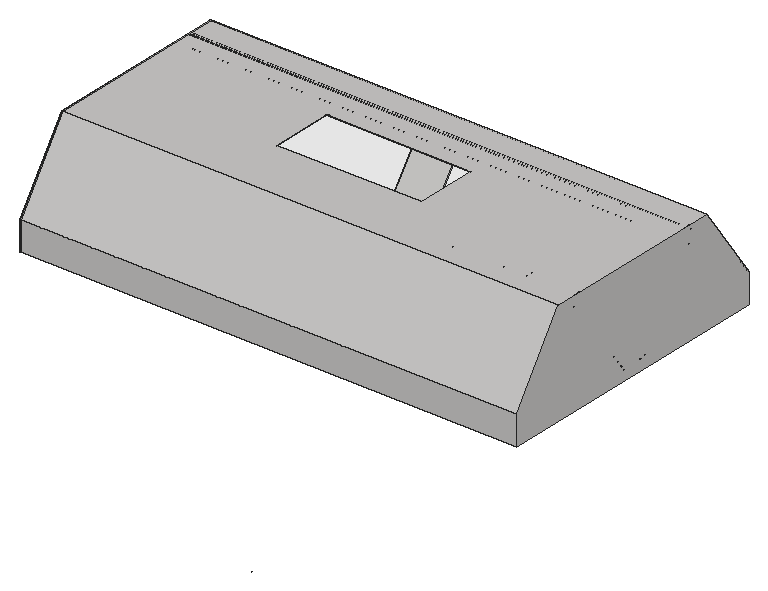
Revit family "QF_ELECTROLUXPROFESSIONAL_642348_BC1424DT", category Specialty Equipment, Revit 2014
Reference planes
  plane 1: z = 0
  plane 2 "Center (Left/Right)": x = 150
  plane 3 "LEFT": x = -1050
  plane 4 "RIGHT": x = 1350
  plane 5 "BACK": y = 550
  plane 6 "TOP": z = 2500
  plane 7 "Base": z = 2000
  plane 8: z = 1946
  plane 9: x = -1047
  plane 10 "DrainX": x = 1199
  plane 11 "AOLeft2": x = 450
  plane 12: x = 1347
  plane 13: x = -850
  plane 14: x = 1150
  plane 15: x = 50
  plane 16: x = 250
  plane 17 "AOLeft1": x = -250
  plane 18: y = 0
  plane 19: y = -300
  plane 20 "Center (Front/Back)": y = -150
  plane 21: y = -850
  plane 22: through (0, -201.379, 2046.209) normal (0, 0.8019, 0.5974)
  plane 23: through (0, -98.621, 2046.209) normal (0, 0.8019, -0.5974)
  plane 24: z = 2140
Forms (mm)
  Extrusion 1, solid, material "QF_Finishes_Stainless Steel"
    sketch origin (-1050, 0, 360) x (0, 1, 0) y (0, 0, 1)
      loop
        line (550, 1640) -> (550, 1780) -> (299.446, 2140) -> (-599.446, 2140) -> (-850, 1780) -> (-850, 1640) -> (550, 1640)
    from 0 to 3
  Extrusion 2, solid, material "QF_Finishes_Stainless Steel"
    sketch origin (1350, 0, 360) x (0, 1, 0) y (0, 0, 1)
      loop
        line (550, 1640) -> (550, 1780) -> (299.446, 2140) -> (-599.446, 2140) -> (-850, 1780) -> (-850, 1640) -> (550, 1640)
    from 0 to -3
  Extrusion 3, solid, material "QF_Finishes_Stainless Steel"
    sketch origin (150, 0, 360) x (0, 1, 0) y (0, 0, 1)
      loop
        line (-599.446, 2140) -> (-850, 1780) -> (-850, 1640) -> (-840, 1640) -> (-840, 1640.8) -> (-849.2, 1640.8) -> (-849.2, 1779.739) -> (-599.025, 2139.19) -> (299.025, 2139.19) -> (549.2, 1779.739) -> (549.2, 1640.8) -> (540, 1640.8) -> (540, 1640) -> (550, 1640) -> (550, 1780) -> (299.446, 2140) -> (-599.446, 2140)
    from -1200 to 1200
  Extrusion 4, void
    sketch origin (0, 0, 2500) x (0, 1, 0) y (-1, 0, 0)
      loop
        line (0, -450) -> (0, 250) -> (-300, 250) -> (-300, -450) -> (0, -450)
    from 0 to -10
  Extrusion 5, solid, material "QF_Finishes_Stainless Steel"
    sketch origin (0, 0, 0) x (1, 0, 0) y (0, 1, 0)
      loop
        line (-1050, 550) -> (-1050, 549) -> (-1049, 549) -> (-1049, 550) -> (-1050, 550)
    from 0 to 1
  Extrusion 6, solid, material "QF_Finishes_Stainless Steel"
    sketch origin (150, -400, 360) x (0, 1, 0) y (0, 0, 1)
      loop
        line (-98.883, 2085.553) -> (198.621, 1686.209) -> (214.66, 1698.157) -> (-82.844, 2097.501) -> (-98.883, 2085.553)
      loop
        line (598.883, 2085.553) -> (582.844, 2097.501) -> (285.34, 1698.157) -> (301.379, 1686.209) -> (598.883, 2085.553)
    from -1000 to -1197
  Extrusion 7, solid, material "QF_Finishes_Stainless Steel"
    sketch origin (150, -400, 360) x (0, 1, 0) y (0, 0, 1)
      loop
        arc (316.056, 1704.554) -> (315.455, 1704.706) -> (314.923, 1704.389) r 0.81
        line (314.923, 1704.389) -> (300.465, 1684.991) -> (283.389, 1687.002) -> (286.391, 1712.615) -> (285.593, 1712.708) -> (282.594, 1687.095)
        arc (282.594, 1687.095) -> (282.763, 1686.499) -> (283.305, 1686.197) r 0.81
        line (283.305, 1686.197) -> (300.372, 1684.196)
        arc (300.372, 1684.196) -> (300.787, 1684.257) -> (301.116, 1684.517) r 0.81
        line (301.116, 1684.517) -> (315.564, 1703.911) -> (326.308, 1695.919) -> (300.145, 1660.79) -> (199.855, 1660.79) -> (173.692, 1695.919) -> (184.436, 1703.911) -> (198.884, 1684.517)
        arc (198.884, 1684.517) -> (199.213, 1684.257) -> (199.628, 1684.196) r 0.81
        line (199.628, 1684.196) -> (216.695, 1686.197)
        arc (216.695, 1686.197) -> (217.237, 1686.499) -> (217.406, 1687.095) r 0.81
        line (217.406, 1687.095) -> (214.407, 1712.708) -> (213.609, 1712.615) -> (216.611, 1687.002) -> (199.535, 1684.991) -> (185.077, 1704.389)
        arc (185.077, 1704.389) -> (184.545, 1704.706) -> (183.944, 1704.554) r 0.81
        line (183.944, 1704.554) -> (173.214, 1696.561)
        arc (173.214, 1696.561) -> (172.897, 1696.028) -> (173.049, 1695.427) r 0.81
        line (173.049, 1695.427) -> (199.157, 1660.381)
        arc (199.157, 1660.381) -> (199.5, 1660.093) -> (199.937, 1659.99) r 0.972
        line (199.937, 1659.99) -> (300.049, 1659.99)
        arc (300.049, 1659.99) -> (300.498, 1660.096) -> (300.851, 1660.393) r 1
        line (300.851, 1660.393) -> (326.951, 1695.427)
        arc (326.951, 1695.427) -> (327.103, 1696.028) -> (326.786, 1696.561) r 0.81
        line (326.786, 1696.561) -> (316.056, 1704.554)
      loop
        line (-92.735, 2139.19) -> (-92.735, 2129.205) -> (-117.587, 2110.686)
        arc (-117.587, 2110.686) -> (-117.904, 2110.153) -> (-117.752, 2109.552) r 0.81
        line (-117.752, 2109.552) -> (-84.894, 2065.446) -> (-95.625, 2057.438) -> (-95.147, 2056.796) -> (-84.418, 2064.79)
        arc (-84.418, 2064.79) -> (-84.1, 2065.322) -> (-84.252, 2065.923) r 0.81
        line (-84.252, 2065.923) -> (-117.117, 2110.038) -> (-91.935, 2128.798) -> (-91.935, 2138.4) -> (-62.776, 2138.4) -> (-62.776, 2070.563) -> (-61.976, 2069.49) -> (-61.976, 2139.19) -> (-92.735, 2139.19)
      loop
        line (592.735, 2139.19) -> (561.976, 2139.19) -> (561.976, 2069.49) -> (562.776, 2070.563) -> (562.776, 2138.4) -> (591.935, 2138.4) -> (591.935, 2128.798) -> (617.117, 2110.038) -> (584.252, 2065.923)
        arc (584.252, 2065.923) -> (584.1, 2065.322) -> (584.418, 2064.79) r 0.81
        line (584.418, 2064.79) -> (595.147, 2056.796) -> (595.625, 2057.438) -> (584.894, 2065.446) -> (617.752, 2109.552)
        arc (617.752, 2109.552) -> (617.904, 2110.153) -> (617.587, 2110.686) r 0.81
        line (617.587, 2110.686) -> (592.735, 2129.205) -> (592.735, 2139.19)
    from -1197 to 1197
  Extrusion 8, solid, material "QF_Finishes_Stainless Steel"
    sketch origin (150, -400, 360) x (0, 1, 0) y (0, 0, 1)
      loop
        line (-98.883, 2085.553) -> (198.621, 1686.209) -> (214.66, 1698.157) -> (-82.844, 2097.501) -> (-98.883, 2085.553)
      loop
        line (598.883, 2085.553) -> (582.844, 2097.501) -> (285.34, 1698.157) -> (301.379, 1686.209) -> (598.883, 2085.553)
    from 1197 to 1000
  Extrusion 9, solid, material "QF_Finishes_Stainless Steel"
    sketch origin (150, -400, 360) x (0, 1, 0) y (0, 0, 1)
      loop
        line (-98.883, 2085.553) -> (198.621, 1686.209) -> (214.66, 1698.157) -> (-82.844, 2097.501) -> (-98.883, 2085.553)
      loop
        line (598.883, 2085.553) -> (582.844, 2097.501) -> (285.34, 1698.157) -> (301.379, 1686.209) -> (598.883, 2085.553)
    from -100 to 100
  Extrusion 10, solid, material "QF_Finished_Chrome"
    sketch origin (150, -400, 360) x (0, 1, 0) y (0, 0, 1)
      loop
        line (-98.883, 2085.553) -> (198.621, 1686.209) -> (214.66, 1698.157) -> (-82.844, 2097.501) -> (-98.883, 2085.553)
      loop
        line (598.883, 2085.553) -> (582.844, 2097.501) -> (285.34, 1698.157) -> (301.379, 1686.209) -> (598.883, 2085.553)
    from -1000 to -100
  Extrusion 11, solid, material "QF_Finished_Chrome"
    sketch origin (150, -400, 360) x (0, 1, 0) y (0, 0, 1)
      loop
        line (-98.883, 2085.553) -> (198.621, 1686.209) -> (214.66, 1698.157) -> (-82.844, 2097.501) -> (-98.883, 2085.553)
      loop
        line (598.883, 2085.553) -> (582.844, 2097.501) -> (285.34, 1698.157) -> (301.379, 1686.209) -> (598.883, 2085.553)
    from 100 to 1000
  Sweep 12, solid, material "QF_Finishes_Stainless Steel"
    path origin (0, 0, 0) x (1, 0, 0) y (0, 1, 0)
      loop
        line (1350, 550) -> (-1050, 550) -> (-1050, -850) -> (1350, -850) -> (1350, 550)
    profile origin (1350, -150, 0) x (1, 0, 0) y (0, 0, 1)
      loop
        line (-3, 2000) -> (-3, 2000.8) -> (-19, 2000.8) -> (-19, 2010) -> (-20, 2010) -> (-20, 2000) -> (-3, 2000)
  Extrusion 13, solid, material "QF_Finishes_Stainless Steel"
    sketch origin (1199, 0, 0) x (0, 1, 0) y (0, 0, 1)
      loop
        arc (-118.5, 1946) -> (-111.429, 1948.929) -> (-108.5, 1956) r 10
        line (-108.5, 1956) -> (-108.5, 2000.8) -> (-191.5, 2000.8) -> (-191.5, 1956)
        arc (-191.5, 1956) -> (-188.571, 1948.929) -> (-181.5, 1946) r 10
        line (-181.5, 1946) -> (-118.5, 1946)
    from -90 to 90
  Extrusion 14, solid, material "QF_Finishes_Stainless Steel"
    sketch origin (0, -1100, 2000) x (0, 1, 0) y (-1, 0, 0)
      loop
        circle (950, -1199) r 6.35
    from -3.799 to 0
Cuts and joins
  Extrusion 4 cuts Extrusion 3
  joined: Extrusion 2, Extrusion 3, Sweep 12
Lines and regions (mm)
  symbolic lines, style "SpecialityEquipment", detail levels coarse
    curve 1: line (1350, 550, 2500) -> (-1050, 550, 2500)
    curve 2: line (-1050, 550, 2500) -> (-1050, -850, 2500)
    curve 3: line (1350, -850, 2500) -> (1350, 550, 2500)
    curve 4: line (-1050, 299.025, 0) -> (1349.504, -599.025, 0)
    curve 5: line (1349.568, 299.025, 0) -> (-1050, -599.025, 0)
  symbolic lines, detail levels coarse
    curve 6: line (-250, -300, 0) -> (450, -300, 0)
    curve 7: line (-250, 0, 0) -> (-250, -300, 0)
    curve 8: line (450, 0, 0) -> (-250, 0, 0)
    curve 9: line (450, -300, 0) -> (450, 0, 0)
    curve 10: line (-1050, 299.025, 0) -> (1349.568, 299.025, 0)
    curve 11: line (1349.504, -599.025, 0) -> (-1050, -599.025, 0)
    curve 12: line (1350, -850, 0) -> (-1050, -850, 0)
Dimensions and locks
  plane 3 "LEFT" to plane 4 "RIGHT" = 2400 mm
  equal spacing: plane 3 "LEFT", plane 2 "Center (Left/Right)", plane 4 "RIGHT"
  plane 3 "LEFT" to plane 9 = 3 mm
  plane 10 "DrainX" to plane 4 "RIGHT" = 151 mm
  plane 12 to plane 4 "RIGHT" = 3 mm
  plane 3 "LEFT" to plane 13 = 200 mm
  plane 14 to plane 4 "RIGHT" = 200 mm
  locked: plane 7 "Base" to level at 2000
  locked: plane 15 to plane 16 at 200
  equal spacing: plane 15, plane 2 "Center (Left/Right)", plane 16
  plane 7 "Base" to plane 8 = 54 mm
  locked: plane 6 "TOP" to plane 7 "Base" at 500
  plane 5 "BACK" to plane 21 = 1400 mm  (x2)
  equal spacing: plane 5 "BACK", plane 20 "Center (Front/Back)", plane 21
  plane 19 to plane 18 = 300 mm
  equal spacing: plane 19, plane 20 "Center (Front/Back)", plane 18
  plane 24 to plane 7 "Base" = 140 mm
  locked: plane 17 "AOLeft1" to plane 11 "AOLeft2" at 700
  aligned and locked: level to plane 1
  aligned and locked: plane 4 "RIGHT" to Extrusion 3
  aligned and locked: Extrusion 3 to plane 3 "LEFT"
  aligned and locked: Extrusion 6 to plane 9
  aligned and locked: plane 13 to Extrusion 6
  aligned and locked: Extrusion 2 to plane 12
  aligned and locked: plane 12 to Extrusion 8
  aligned and locked: Extrusion 8 to plane 14
  aligned and locked: plane 16 to Extrusion 9
  aligned and locked: Extrusion 9 to plane 15
  aligned and locked: plane 15 to Extrusion 10
  aligned and locked: Extrusion 10 to plane 13
  aligned and locked: Extrusion 11 to plane 16
  aligned and locked: Extrusion 11 to plane 14
  aligned and locked: Extrusion 7 to plane 9
  aligned and locked: plane 12 to Extrusion 7
  aligned and locked: Extrusion 4 to plane 17 "AOLeft1"
  aligned and locked: Extrusion 4 to plane 11 "AOLeft2"
  aligned and locked: plane 19 to Extrusion 4
  aligned and locked: plane 18 to Extrusion 4
Automatic sketch dimensions
  Extrusion 4 sketch curve to plane 11 "AOLeft2" = 0 mm
  Extrusion 4 sketch curve to plane 17 "AOLeft1" = 0 mm
  Extrusion 5 sketch curve to plane 3 "LEFT" = 0 mm
  Extrusion 5 sketch curve to plane 5 "BACK" = 0 mm
  plane 3 "LEFT" to Extrusion 5 sketch curve = 1 mm
  Extrusion 5 sketch curve to Extrusion 5 sketch curve = 1 mm
  Sweep 12 sketch curve to plane 3 "LEFT" = 0 mm
  Sweep 12 sketch curve to plane 4 "RIGHT" = 0 mm
  Sweep 12 sketch curve to plane 5 "BACK" = 0 mm
  profile plane to Sweep 12 sketch curve = 20 mm
  Sweep 12 sketch curve to Sweep 12 sketch curve = 1 mm
  profile plane to Sweep 12 sketch curve = 3 mm
  level to Sweep 12 sketch curve = 2000 mm
  Sweep 12 sketch curve to Sweep 12 sketch curve = 0.8 mm
  Sweep 12 sketch curve to Sweep 12 sketch curve = 9.2 mm
  plane 19 to Sweep 12 sketch curve = 550 mm
  plane 19 to Extrusion 4 sketch curve = 0 mm
  Extrusion 4 sketch curve to plane 18 = 0 mm
  Extrusion 14 sketch curve to plane 10 "DrainX" = 0 mm
  Extrusion 14 sketch curve to plane 20 "Center (Front/Back)" = 0 mm
  Extrusion 13 sketch curve to plane 8 = 0 mm
  plane 8 to Extrusion 13 sketch curve = 10 mm
  Extrusion 13 sketch curve to plane 20 "Center (Front/Back)" = 41.5 mm
  plane 20 "Center (Front/Back)" to Extrusion 13 sketch curve = 31.5 mm
  plane 7 "Base" to Extrusion 13 sketch curve = 0.8 mm
  plane 20 "Center (Front/Back)" to Extrusion 13 sketch curve = 41.5 mm
  plane 19 to Extrusion 6 sketch curve = 198.883 mm
  Extrusion 6 sketch curve to plane 6 "TOP" = 42.499 mm  (x2)
  Extrusion 6 sketch curve to Extrusion 6 sketch curve = 16.039 mm  (x2)
  Extrusion 6 sketch curve to plane 20 "Center (Front/Back)" = 51.379 mm
  plane 20 "Center (Front/Back)" to Extrusion 6 sketch curve = 35.34 mm
  plane 18 to Extrusion 6 sketch curve = 182.844 mm
  Extrusion 6 sketch curve to Extrusion 6 sketch curve = 11.948 mm  (x2)
  Extrusion 7 sketch curve to plane 6 "TOP" = 30.448 mm  (x2)
  plane 19 to Extrusion 7 sketch curve = 217.752 mm
  Extrusion 7 sketch curve to plane 6 "TOP" = 29.314 mm  (x2)
  Extrusion 7 sketch curve to Extrusion 7 sketch curve = 0.166 mm  (x3)
  Extrusion 7 sketch curve to plane 6 "TOP" = 29.962 mm  (x2)
  Extrusion 7 sketch curve to Extrusion 7 sketch curve = 0.47 mm  (x2)
  Extrusion 7 sketch curve to Extrusion 7 sketch curve = 0.014 mm  (x2)
  Extrusion 7 sketch curve to plane 6 "TOP" = 82.562 mm  (x2)
  Extrusion 7 sketch curve to Extrusion 7 sketch curve = 22.127 mm
  Extrusion 7 sketch curve to plane 6 "TOP" = 83.204 mm  (x2)
  Extrusion 7 sketch curve to Extrusion 7 sketch curve = 0.478 mm  (x5)
  Extrusion 7 sketch curve to plane 6 "TOP" = 0.81 mm  (x2)
  Extrusion 7 sketch curve to Extrusion 7 sketch curve = 24.852 mm
  Extrusion 7 sketch curve to Extrusion 7 sketch curve = 0.8 mm  (x5)
  Extrusion 7 sketch curve to Extrusion 7 sketch curve = 10.724 mm
  Extrusion 7 sketch curve to plane 6 "TOP" = 74.554 mm  (x2)
  Extrusion 7 sketch curve to Extrusion 7 sketch curve = 0.008 mm  (x6)
  Extrusion 7 sketch curve to plane 6 "TOP" = 75.21 mm  (x2)
  Extrusion 7 sketch curve to plane 6 "TOP" = 74.077 mm  (x2)
  Extrusion 7 sketch curve to Extrusion 7 sketch curve = 0.642 mm  (x2)
  Extrusion 7 sketch curve to plane 6 "TOP" = 69.437 mm  (x2)
  Extrusion 7 sketch curve to Extrusion 7 sketch curve = 21.476 mm  (x2)
  Extrusion 7 sketch curve to plane 19 = 73.049 mm
  Extrusion 7 sketch curve to Extrusion 7 sketch curve = 0.006 mm  (x4)
  Extrusion 7 sketch curve to Extrusion 7 sketch curve = 10.73 mm  (x3)
  Extrusion 7 sketch curve to Extrusion 7 sketch curve = 0.484 mm  (x4)
  Extrusion 7 sketch curve to Extrusion 7 sketch curve = 0.641 mm  (x2)
  Extrusion 7 sketch curve to Extrusion 7 sketch curve = 14.448 mm
  plane 7 "Base" to Extrusion 7 sketch curve = 20.381 mm
  Extrusion 7 sketch curve to Extrusion 7 sketch curve = 0.273 mm
  Extrusion 7 sketch curve to Extrusion 7 sketch curve = 0.65 mm  (x2)
  Extrusion 7 sketch curve to Extrusion 7 sketch curve = 0.001 mm  (x4)
  Extrusion 7 sketch curve to Extrusion 7 sketch curve = 0.093 mm  (x2)
  plane 7 "Base" to Extrusion 7 sketch curve = 20.79 mm
  Extrusion 7 sketch curve to Extrusion 7 sketch curve = 0.698 mm
  Extrusion 7 sketch curve to Extrusion 7 sketch curve = 0.081 mm
  Extrusion 7 sketch curve to Extrusion 7 sketch curve = 28.531 mm
  Extrusion 7 sketch curve to Extrusion 7 sketch curve = 0.799 mm  (x2)
  Extrusion 7 sketch curve to Extrusion 7 sketch curve = 17.067 mm  (x2)
  Extrusion 7 sketch curve to Extrusion 7 sketch curve = 0.01 mm  (x4)
  Extrusion 7 sketch curve to Extrusion 7 sketch curve = 0.094 mm
  Extrusion 7 sketch curve to Extrusion 7 sketch curve = 0.795 mm  (x2)
  plane 20 "Center (Front/Back)" to Extrusion 7 sketch curve = 32.594 mm
  Extrusion 7 sketch curve to Extrusion 7 sketch curve = 0.71 mm
  Extrusion 7 sketch curve to Extrusion 7 sketch curve = 2.998 mm
  Extrusion 7 sketch curve to Extrusion 7 sketch curve = 16.745 mm
  Extrusion 7 sketch curve to Extrusion 7 sketch curve = 0.095 mm
  plane 7 "Base" to Extrusion 7 sketch curve = 20.393 mm
  Extrusion 7 sketch curve to Extrusion 7 sketch curve = 0.707 mm
  Extrusion 7 sketch curve to Extrusion 7 sketch curve = 0.651 mm
  Extrusion 7 sketch curve to Extrusion 7 sketch curve = 14.456 mm
  Extrusion 7 sketch curve to plane 6 "TOP" = 70.51 mm  (x2)
  plane 18 to Extrusion 7 sketch curve = 161.976 mm
  Extrusion 7 sketch curve to plane 6 "TOP" = 1.6 mm
  Extrusion 7 sketch curve to Extrusion 7 sketch curve = 29.159 mm
  Extrusion 7 sketch curve to Extrusion 7 sketch curve = 24.368 mm
  Extrusion 7 sketch curve to Extrusion 7 sketch curve = 0.636 mm
  Extrusion 7 sketch curve to Extrusion 7 sketch curve = 23.206 mm
  Extrusion 7 sketch curve to Extrusion 7 sketch curve = 23.234 mm
  Extrusion 7 sketch curve to Extrusion 7 sketch curve = 0.321 mm  (x2)
  Extrusion 7 sketch curve to Extrusion 7 sketch curve = 2.001 mm  (x2)
  Extrusion 7 sketch curve to Extrusion 7 sketch curve = 0.804 mm  (x2)
  Extrusion 7 sketch curve to Extrusion 7 sketch curve = 10.911 mm  (x2)
  Extrusion 7 sketch curve to Extrusion 7 sketch curve = 7.993 mm  (x2)
  Extrusion 7 sketch curve to Extrusion 7 sketch curve = 25.613 mm  (x2)
  Extrusion 7 sketch curve to Extrusion 7 sketch curve = 0.407 mm  (x2)
  Extrusion 7 sketch curve to Extrusion 7 sketch curve = 0.79 mm
  Extrusion 3 sketch curve to plane 7 "Base" = 0 mm  (x2)
  Extrusion 3 sketch curve to plane 21 = 0 mm
  Extrusion 3 sketch curve to plane 5 "BACK" = 0 mm
  plane 21 to Extrusion 3 sketch curve = 0.8 mm
  plane 7 "Base" to Extrusion 3 sketch curve = 0.8 mm  (x2)
  Extrusion 3 sketch curve to Extrusion 3 sketch curve = 9.2 mm
  plane 21 to Extrusion 3 sketch curve = 250.554 mm
  Extrusion 3 sketch curve to Extrusion 3 sketch curve = 0.421 mm  (x2)
  Extrusion 3 sketch curve to plane 6 "TOP" = 0.81 mm
  Extrusion 3 sketch curve to plane 5 "BACK" = 250.975 mm
  Extrusion 3 sketch curve to plane 5 "BACK" = 10 mm
  Extrusion 3 sketch curve to plane 5 "BACK" = 0.8 mm
  Extrusion 3 sketch curve to Extrusion 3 sketch curve = 138.939 mm  (x2)
  Extrusion 3 sketch curve to Extrusion 3 sketch curve = 0.261 mm  (x2)
  Extrusion 3 sketch curve to plane 6 "TOP" = 0 mm
  Extrusion 1 sketch curve to plane 7 "Base" = 0 mm
  Extrusion 1 sketch curve to plane 21 = 0 mm
  Extrusion 1 sketch curve to plane 6 "TOP" = 0 mm
  Extrusion 1 sketch curve to plane 5 "BACK" = 0 mm
  Extrusion 1 sketch curve to plane 5 "BACK" = 250.554 mm
  plane 7 "Base" to Extrusion 1 sketch curve = 140 mm
  Extrusion 1 sketch curve to Extrusion 1 sketch curve = 140 mm
  plane 21 to Extrusion 1 sketch curve = 250.554 mm
  plane 19 to Extrusion 10 sketch curve = 198.883 mm
  Extrusion 10 sketch curve to plane 6 "TOP" = 42.499 mm  (x2)
  Extrusion 10 sketch curve to Extrusion 10 sketch curve = 16.039 mm  (x2)
  Extrusion 10 sketch curve to plane 20 "Center (Front/Back)" = 51.379 mm
  plane 20 "Center (Front/Back)" to Extrusion 10 sketch curve = 35.34 mm
  plane 18 to Extrusion 10 sketch curve = 182.844 mm
  Extrusion 10 sketch curve to Extrusion 10 sketch curve = 11.948 mm  (x2)
  plane 19 to Extrusion 9 sketch curve = 198.883 mm
  Extrusion 9 sketch curve to plane 6 "TOP" = 42.499 mm  (x2)
  Extrusion 9 sketch curve to Extrusion 9 sketch curve = 16.039 mm  (x2)
  Extrusion 9 sketch curve to plane 20 "Center (Front/Back)" = 51.379 mm
  plane 20 "Center (Front/Back)" to Extrusion 9 sketch curve = 35.34 mm
  plane 18 to Extrusion 9 sketch curve = 182.844 mm
  Extrusion 9 sketch curve to Extrusion 9 sketch curve = 11.948 mm  (x2)
  plane 19 to Extrusion 11 sketch curve = 198.883 mm
  Extrusion 11 sketch curve to plane 6 "TOP" = 42.499 mm  (x2)
  Extrusion 11 sketch curve to Extrusion 11 sketch curve = 16.039 mm  (x2)
  Extrusion 11 sketch curve to plane 20 "Center (Front/Back)" = 51.379 mm
  plane 20 "Center (Front/Back)" to Extrusion 11 sketch curve = 35.34 mm
  plane 18 to Extrusion 11 sketch curve = 182.844 mm
  Extrusion 11 sketch curve to Extrusion 11 sketch curve = 11.948 mm  (x2)
  plane 19 to Extrusion 8 sketch curve = 198.883 mm
  Extrusion 8 sketch curve to plane 6 "TOP" = 42.499 mm  (x2)
  Extrusion 8 sketch curve to Extrusion 8 sketch curve = 16.039 mm  (x2)
  Extrusion 8 sketch curve to plane 20 "Center (Front/Back)" = 51.379 mm
  plane 20 "Center (Front/Back)" to Extrusion 8 sketch curve = 35.34 mm
  plane 18 to Extrusion 8 sketch curve = 182.844 mm
  Extrusion 8 sketch curve to Extrusion 8 sketch curve = 11.948 mm  (x2)
  Extrusion 2 sketch curve to plane 7 "Base" = 0 mm
  Extrusion 2 sketch curve to plane 21 = 0 mm
  Extrusion 2 sketch curve to plane 5 "BACK" = 0 mm
  Extrusion 2 sketch curve to plane 24 = 0 mm  (x2)
  Extrusion 2 sketch curve to plane 5 "BACK" = 250.554 mm
  plane 21 to Extrusion 2 sketch curve = 250.554 mm
  Extrusion 2 sketch curve to plane 6 "TOP" = 0 mm
  curve 2 to plane 3 "LEFT" = 0 mm
  curve 2 to plane 21 = 0 mm
  curve 3 to plane 4 "RIGHT" = 0 mm
  curve 3 to plane 21 = 0 mm
  curve 2 to plane 5 "BACK" = 0 mm
  curve 4 to plane 3 "LEFT" = 0 mm
  curve 11 to plane 3 "LEFT" = 0 mm
  curve 12 to plane 3 "LEFT" = 0 mm
  curve 7 to plane 17 "AOLeft1" = 0 mm
  curve 8 to plane 11 "AOLeft2" = 0 mm
  curve 12 to plane 4 "RIGHT" = 0 mm
  plane 19 to curve 6 = 0 mm
  curve 9 to plane 18 = 0 mm
  curve 11 to plane 4 "RIGHT" = 0.496 mm
  curve 10 to plane 4 "RIGHT" = 0.432 mm
  plane 21 to curve 11 = 250.975 mm
  curve 10 to plane 5 "BACK" = 250.975 mm
  curve 12 to plane 21 = 0 mm
  radius of Extrusion 14 sketch curve = 6.35 mm
Connectors
  hvac at (100, -150, 2500)
    settings: on Extrusion 4, index 2, duct flow 0.0 L/s, flow factor 0, pres drop 0.0 Pa, loss coef 0, conn angle 0.00°, conn width 300 mm, conn height 0 mm, conn diameter 609.6 mm, duct sys type 3, conn prof type 1, flow config 1, flow direction 2, loss method 0, conn ref index -1, conn util no, is conn primary yes, conn desc "EXHAUST OUTLET"
  piping at (1199, -150, 1996.201), diameter 12.7
    settings: on Extrusion 14, index 4, connector inside diameter 609.6 mm, connector length 0 mm, flow factor 0, pipe flow 0.0 L/s, pressure drop 0.0 Pa, fitting loss kfactor 0, connector angle 0.00°, fixture units 0, engagement length 0 mm, angle of deflection 0.00°, flow configuration 1, flow direction 2, fitting loss method 0, system type 16, joint type 0, gender type 0, connector reference index -1, connector utility 0, adjustable connector no, is connector primary yes, connector description "Drain"
